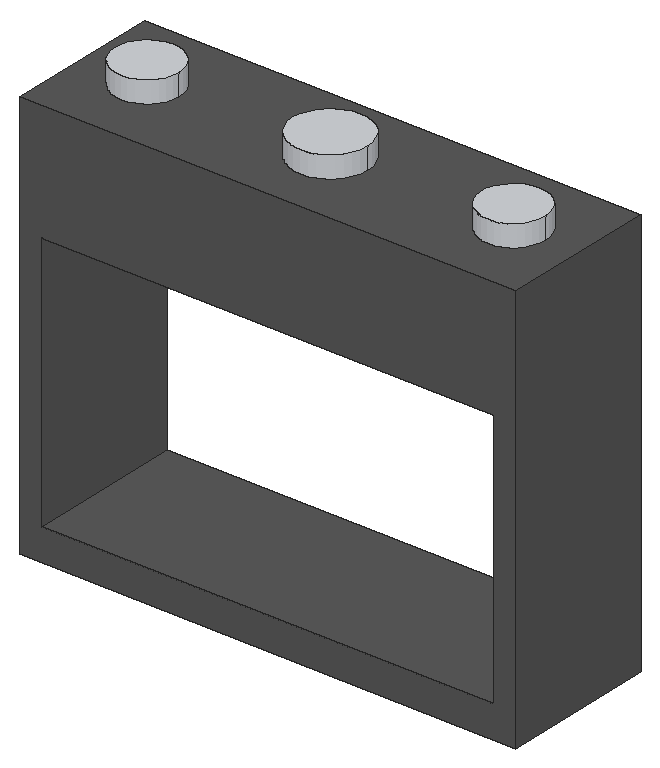
Revit family "montigo-commercial-see-through-low-profile-fireplace-BF84ST", category Generic Models, Revit 2019
Family settings
  Can host rebar = No
  Round Connector Dimension = Use Diameter
  Part Type = Normal
  Work Plane-Based = No
  Always vertical = Yes
  Cut with Voids When Loaded = No
  Shared = No
  Room Calculation Point = No
Parameters
  URL = "https://www.montigo.com/"
  Model = ""
  Manufacturer Fax = ""
  Manufacturer Website = "https://www.montigo.com/"
  Manufacturer Phone - Toll Free = "800-378-3115"
  Manufacturer Phone = ""
  Manufacturer Address = "27342 Gloucester Way  Langley, BC, Canada   V4W 4A1"
  Manufacturer = "Montigo"
  Keynote = ""
  Glazing Tint = Glass - Montigo - Tint as Specified
  Frame Material = Metal - Montigo - Black
  Firebox Material = Metal - Montigo - White
  Description = "Montigo Fireplace as Specified"
Reference planes (in)
  plane 1 "Center (Front/Back)": y = 0
  plane 2: z = 0
  plane 3 "Center (Left/Right)": x = 0
Forms (in)
  Extrusion 1, solid, material "Metal - Montigo - Black" <- "Frame Material"
    sketch origin (15, -15, 0) x (1, 0, 0) y (0, 1, 0)
      loop
        line (-61, 29.5) -> (-61, 0.5) -> (31, 0.5) -> (31, 29.5) -> (-61, 29.5)
    from 0 to 76
  Extrusion 2, solid
    sketch origin (0, 0, 0) x (1, 0, 0) y (0, 1, 0)
      loop
        circle (-34, 0) r 5.9375
      loop
        circle (0, 0) r 6.875
      loop
        circle (34, 0) r 5.9375
    from 76 to 80
  Extrusion 3, void
    sketch origin (19.1875, -6.15625, 0) x (-1, 0, 0) y (0, 0, -1)
      loop
        line (61.1875, -54) -> (61.1875, -6) -> (-22.8125, -6) -> (-22.8125, -54) -> (61.1875, -54)
    from -22.297 to 9.84375
Cuts and joins
  Extrusion 3 cuts Extrusion 1
Dimensions and locks (in)
  aligned and locked: level to plane 2
Connectors (in)
  hvac at (34, 0, 80)
    settings: on Extrusion 2, index 1, duct flow 0.0 L/s, flow factor 0, pres drop 0.0 Pa, loss coef 0, conn angle 0.00°, conn width 304.8 mm, conn height 304.8 mm, conn diameter 301.724 mm, duct sys type 3, conn prof type 0, flow config 0, flow direction 0, loss method 0, conn ref index -1, conn util no, is conn primary yes, conn desc ""
  hvac at (-34, 0, 80)
    settings: on Extrusion 2, index 2, duct flow 0.0 L/s, flow factor 0, pres drop 0.0 Pa, loss coef 0, conn angle 0.00°, conn width 304.8 mm, conn height 304.8 mm, conn diameter 301.724 mm, duct sys type 3, conn prof type 0, flow config 0, flow direction 0, loss method 0, conn ref index -1, conn util no, is conn primary no, conn desc ""
  hvac at (0, 0, 80)
    settings: on Extrusion 2, index 3, duct flow 0.0 L/s, flow factor 0, pres drop 0.0 Pa, loss coef 0, conn angle 0.00°, conn width 304.8 mm, conn height 304.8 mm, conn diameter 349.25 mm, duct sys type 3, conn prof type 0, flow config 0, flow direction 0, loss method 0, conn ref index -1, conn util no, is conn primary no, conn desc ""
